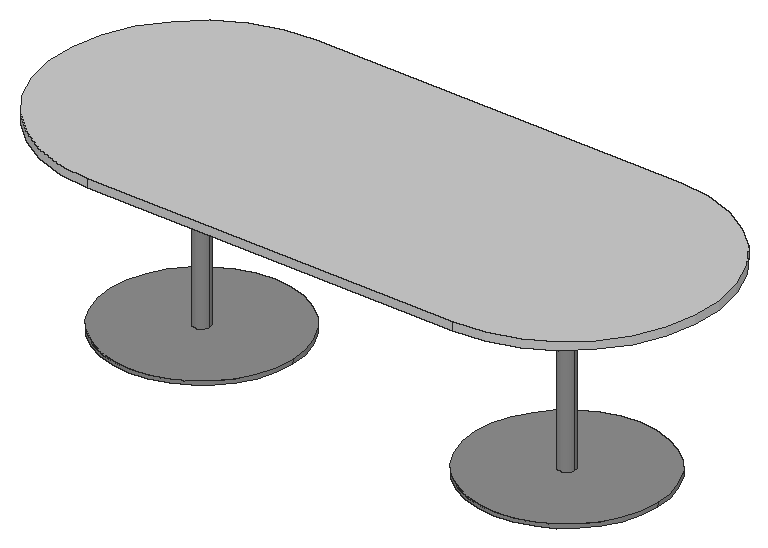
Revit family "Haworth_JiveTable_RacetrackDiscBase", category Furniture Systems, Revit 2018
Family settings
  Round Connector Dimension = Use Diameter
  Part Type = Normal
  OmniClass Number = 23.40.70.14.64.21
  OmniClass Title = Systems Furniture
  Work Plane-Based = No
  Always vertical = Yes
  Cut with Voids When Loaded = No
  Shared = No
  Room Calculation Point = No
Parameters (values of type "42d 96w 29h")
  Width = 96"
  Warranty = "http://www.haworth.com/resources/product-info/warranties"
  URL - Product = "http://www.haworth.com/products/tables/training/jive"
  Two Disk = or(and(Actual Width > 60", Actual Width < 96"), Actual Width = 60", Actual Width = 96")  # yes
  Table Radius = Actual Depth / 2  # 21"
  Table Finish [instance] = Haworth _ Laminate _ Putty H-AA
  Table Edge Finish [instance] = Haworth _ Laminate _ Putty H-AA
  One Disk = or(and(Actual Width < 48", Actual Width > 24"), Actual Width = 24", Actual Width = 48")  # no
  Model = "Haworth Jive"  # constant formula
  Leg Finish [instance] = Haworth _ Paint _ Graphite
  Disc Distance = if(Actual Depth < 25", 8 1/2", if(Actual Depth < 32", 11", 13 1/2"))  # 13 1/2"
  Description = "Haworth Jive Table Racetrack Disc Base - 42d 96w 29h"
  URL = "https://www.haworth.com/na/en.html"
  Table Thickness = 1 3/16"  # constant formula
  Size = "Verify Final Dim. w/ Haworth"  # constant formula
  Revision Number = "0"  # constant formula
  Standard Widths = "60, 72, 84, 96 in."  # constant formula
  Standard Depths = "30, 36, 42 in."  # constant formula
  Min. Width = 60"  # constant formula
  Max. Width = 96"  # constant formula
  Min. Depth = 30"  # constant formula
  Max. Depth = 42"  # constant formula
  Manufacturer = "Haworth, Inc."  # constant formula
  Depth = 42"
  Custom Size = not(and(or(Depth = 30", Depth = 36", Depth = 42"), or(Width = 60", Width = 72", Width = 84", Width = 96")))  # no
  Base Distance = if(One Disk, 0", Actual Width - Actual Depth)  # 54"
  Author = "SHAPE Environments, LLC"  # constant formula
  Assembly Code = "E2020200"
  Actual Width = if(Width < Min. Width, Min. Width, if(Width > Max. Width, Max. Width, Width))  # 96"
  Actual Height = 29"  # constant formula
  Actual Depth = if(Depth > Max. Depth, Max. Depth, if(Depth < Min. Depth, Min. Depth, Depth))  # 42"
Types (6): name | Width | Table Radius | Disc Distance | Description | Depth | Base Distance | Actual Width | Actual Depth
  30d 60w 29h | 60" | 15" | 11" | "Haworth Jive Table Racetrack Disc Base - 30d 60w 29h" | 30" | 30" | 60" | 30"
  30d 72w 29h | 72" | 15" | 11" | "Haworth Jive Table Racetrack Disc Base - 30d 72w 29h" | 30" | 42" | 72" | 30"
  36d 72w 29h | 72" | 18" | 13 1/2" | "Haworth Jive Table Racetrack Disc Base - 36d 72w 29h" | 36" | 36" | 72" | 36"
  36d 84w 29h | 84" | 18" | 13 1/2" | "Haworth Jive Table Racetrack Disc Base - 36d 84w 29h" | 36" | 48" | 84" | 36"
  42d 84w 29h | 84" | 21" | 13 1/2" | "Haworth Jive Table Racetrack Disc Base - 42d 84w 29h" | 42" | 42" | 84" | 42"
  42d 96w 29h | 96" | 21" | 13 1/2" | "Haworth Jive Table Racetrack Disc Base - 42d 96w 29h" | 42" | 54" | 96" | 42"
Reference planes (in)
  plane 1 "Center F/B": y = 0
  plane 2: z = 0
  plane 3 "Center L/R": x = 0
  plane 4 "Top": z = 29
  plane 5 "Top Bottom": z = 27.8125
  plane 6: x = -48
  plane 7: x = 48
  plane 8 "Back": y = 21
  plane 9 "Front": y = -21
  plane 10: x = -27
  plane 11: x = 27
Forms (in)
  Extrusion 1, solid, material "Haworth _ Laminate _ Putty H-AA" <- "Table Finish"
    sketch origin (-0.00742, 0, 34.5) x (-1, 0, 0) y (0, -1, 0)
      loop
        line (27, 21) -> (-27, 21)
        arc (-27, 21) -> (-48, 0) -> (-27, -21) r 21
        line (-27, -21) -> (27, -21)
        arc (27, -21) -> (48, 0) -> (27, 21) r 21
    from -6.6875 to -5.5
Lines and regions (in)
  Masking region 1
    outline origin (0, 0, 29) x (-1, 0, 0) y (0, -1, 0)
      loop
        line (-26.99258, -21) -> (27.00742, -21)
        arc (27.00742, -21) -> (48.00742, 0) -> (27.00742, 21) r 21
        line (27.00742, 21) -> (-26.99258, 21)
        arc (-26.99258, 21) -> (-47.99258, 0) -> (-26.99258, -21) r 21
Dimensions and locks (in)
  "Actual Height": plane 4 "Top" to level
  "Table Thickness": plane 4 "Top" to plane 5 "Top Bottom"
  "Actual Width": plane 6 to plane 7
  "Actual Depth": plane 8 "Back" to plane 9 "Front"
  "Table Radius": plane 6 to plane 10
  "Table Radius": plane 11 to plane 7
  equal spacing: plane 8 "Back", plane 1 "Center F/B", plane 9 "Front"
  equal spacing: plane 6, plane 3 "Center L/R", plane 7
  "Table Radius": radius of Extrusion 1 sketch curve  (x2)
  aligned and locked: plane 3 "Center L/R" to nested 1
  aligned and locked: plane 1 "Center F/B" to nested 1
  aligned and locked: Extrusion 1 sketch curve to plane 9 "Front"
  aligned and locked: Masking region 1 sketch curve to Extrusion 1  (x2)
  aligned and locked: nested 1 to plane 2  (x2)
  aligned and locked: Extrusion 1 to plane 4 "Top"
  aligned and locked: Extrusion 1 to plane 5 "Top Bottom"
Automatic sketch dimensions
  plane 10 to Extrusion 1 sketch curve = 0.00742"
  Extrusion 1 sketch curve to plane 11 = 0.00742"
Nested families (in)
  nested 1: "JiveDiscBase" at (-6.31284, -5.5, 0), type "Base"
    with Table Width 96", Base Distance 54"
Definition of nested family "JiveDiscBase"
  Parameters (values of type "Base")
    Warranty = ""
    URL - Product = ""
    URL = "www.haworth.com"
    Two Disc = yes
    Table Width = 72"
    One Disk = no
    OmniClass Number = ""
    Material Options = ""
    Leg Height = 27 13/16"
    Disc Radius = 13 1/2"
    Base Finish = none
    Size = "Verify Final Dim. w/ Haworth"  # constant formula
    Revision Number = "1"
    Manufacturer = "Haworth"  # constant formula
    Base Distance = 72"
    Author = "SHAPE Environments, LLC"  # constant formula
    Assembly Code = ""
  Reference planes (in)
    plane 1 "Center F/B": y = 5.5
    plane 2: z = 0
    plane 3 "Center L/R": x = 6.31284
    plane 4 "Leg Top": z = 27.8125
    plane 5: z = 27.6775
    plane 6 "table top": z = 29.3125
    plane 7: x = 42.31284
    plane 8: x = -29.68716
  Forms (in)
    Extrusion 1, solid, material <- "Base Finish"
      sketch origin (41, 0, 0) x (1, 0, 0) y (0, 1, 0)
        loop
          circle (1.31284, 5.5) r 13.5
      from 0 to 0.565
    Extrusion 2, solid, material <- "Base Finish"
      sketch origin (41, 0, 0) x (1, 0, 0) y (0, 1, 0)
        loop
          circle (1.31284, 5.5) r 1.181
      from 0.565 to 27.6775
    Extrusion 3, solid, material <- "Base Finish", detail levels fine
      sketch origin (33.5, -0.00018, 0) x (1, 0, 0) y (0, 1, 0)
        loop
          line (0.32764, 5.50018) -> (8.81284, -2.985) -> (17.29805, 5.50018) -> (8.81284, 13.98537) -> (0.32764, 5.50018)
      from 27.6775 to 27.8125
    Extrusion 4, solid, material <- "Base Finish", visible <- "Two Disc"
      sketch origin (-25, 0, 0) x (1, 0, 0) y (0, 1, 0)
        loop
          circle (-4.68716, 5.5) r 13.5
      from 0 to 0.565
    Extrusion 5, solid, material <- "Base Finish", visible <- "Two Disc"
      sketch origin (-25, 0, 0) x (1, 0, 0) y (0, 1, 0)
        loop
          circle (-4.68716, 5.5) r 1.181
      from 0.565 to 27.6775
    Extrusion 6, solid, material <- "Base Finish", visible <- "Two Disc", detail levels fine
      sketch origin (-37.5, -0.00018, 0) x (1, 0, 0) y (0, 1, 0)
        loop
          line (-0.67236, 5.50018) -> (7.81284, -2.985) -> (16.29805, 5.50018) -> (7.81284, 13.98537) -> (-0.67236, 5.50018)
      from 27.6775 to 27.8125
  Lines and regions (in)
    symbolic lines, detail levels medium+fine
      curve 1: circle (42.31284, 5.5, 29.3125) r 13.5 normal (0, 0, 1)
      curve 3: line (-38.17236, 5.5, 29.3125) -> (-29.68716, -2.98519, 29.3125)
      curve 4: line (-29.68716, -2.98519, 29.3125) -> (-21.20195, 5.5, 29.3125)
      curve 5: line (-21.20195, 5.5, 29.3125) -> (-29.68716, 13.98519, 29.3125)
      curve 6: line (-29.68716, 13.98519, 29.3125) -> (-38.17236, 5.5, 29.3125)
    symbolic lines, visible <- "Two Disc", detail levels medium+fine
      curve 2: circle (-29.68716, 5.5, 29.3125) r 13.5 normal (0, 0, 1)
      curve 7: line (33.82764, 5.5, 29.3125) -> (42.31284, -2.98519, 29.3125)
      curve 8: line (42.31284, -2.98519, 29.3125) -> (50.79805, 5.5, 29.3125)
      curve 9: line (50.79805, 5.5, 29.3125) -> (42.31284, 13.98519, 29.3125)
      curve 10: line (42.31284, 13.98519, 29.3125) -> (33.82764, 5.5, 29.3125)
  Dimensions and locks (in)
    "Leg Height": plane 4 "Leg Top" to level
    locked: plane 4 "Leg Top" to plane 5 at 0.135
    locked: plane 6 "table top" to plane 4 "Leg Top" at 1.5
    equal spacing: plane 8, plane 3 "Center L/R", plane 7
    "Base Distance": plane 8 to plane 7
    "Disc Radius": radius of Extrusion 4 sketch curve
    "Disc Radius": radius of Extrusion 1 sketch curve
    aligned and locked: plane 7 to Extrusion 1 sketch curve
    aligned and locked: plane 7 to Extrusion 3
    aligned and locked: plane 1 "Center F/B" to Extrusion 3
    aligned and locked: plane 7 to Extrusion 2 sketch curve
    aligned and locked: curve 1 to Extrusion 1
    aligned and locked: plane 1 "Center F/B" to Extrusion 2 sketch curve
    aligned and locked: curve 2 to Extrusion 4
    aligned and locked: plane 1 "Center F/B" to Extrusion 4 sketch curve
    aligned and locked: plane 8 to Extrusion 4 sketch curve
    aligned and locked: plane 8 to Extrusion 5 sketch curve
    aligned and locked: plane 1 "Center F/B" to Extrusion 5 sketch curve
    aligned and locked: plane 8 to Extrusion 6
    aligned and locked: plane 1 "Center F/B" to Extrusion 6
    aligned and locked: plane 4 "Leg Top" to Extrusion 6
    aligned and locked: Extrusion 6 to plane 5
    aligned and locked: plane 5 to Extrusion 5
    aligned and locked: plane 4 "Leg Top" to Extrusion 3
    aligned and locked: Extrusion 3 to plane 5
    aligned and locked: plane 5 to Extrusion 2
    aligned and locked: curve 6 to Extrusion 6
    aligned and locked: curve 3 to Extrusion 6
    aligned and locked: curve 4 to Extrusion 6
    aligned and locked: curve 5 to Extrusion 6
    aligned and locked: Extrusion 3 to curve 10
    aligned and locked: curve 8 to Extrusion 3
    aligned and locked: curve 9 to Extrusion 3
    aligned and locked: curve 7 to Extrusion 3
  Automatic sketch dimensions
    plane 1 "Center F/B" to Extrusion 3 sketch curve = 0"  (x2)
    Extrusion 3 sketch curve to plane 7 = 0"  (x2)
    Extrusion 3 sketch curve to plane 7 = 8.4852"
    plane 7 to Extrusion 3 sketch curve = 8.48521"
    plane 1 "Center F/B" to Extrusion 3 sketch curve = 8.48519"
    Extrusion 3 sketch curve to plane 1 "Center F/B" = 8.48519"
    plane 1 "Center F/B" to Extrusion 6 sketch curve = 0"  (x2)
    Extrusion 6 sketch curve to plane 8 = 8.4852"
    plane 8 to Extrusion 6 sketch curve = 0"  (x2)
    Extrusion 6 sketch curve to Extrusion 6 sketch curve = 8.48521"
    plane 1 "Center F/B" to Extrusion 6 sketch curve = 8.48519"
    Extrusion 6 sketch curve to plane 1 "Center F/B" = 8.48519"
    plane 1 "Center F/B" to Extrusion 1 sketch curve = 0"
    radius of Extrusion 2 sketch curve = 1.181"
    radius of Extrusion 5 sketch curve = 1.181"
